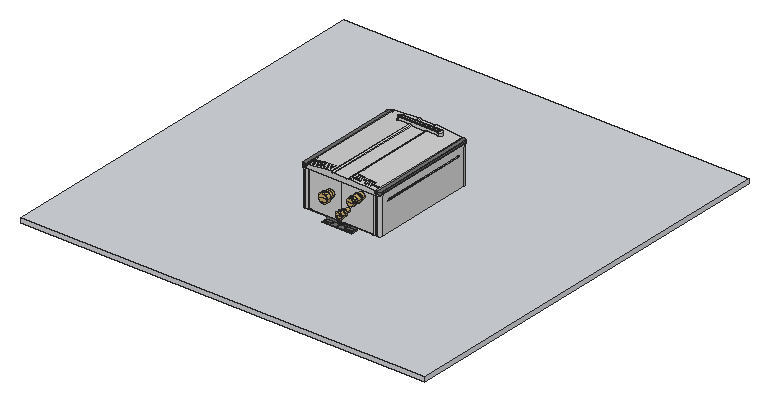
Revit family "Water_Heater-Rinnai-Ultra-Condensing-Tankless-RUS75e", category Mechanical Equipment, host Face, Revit 2012 (continued)
Definition of nested family "Water Heater"
  Definition of nested family "Masking_Nested"
    Lines and regions (in)
      Masking region 6, detail levels medium+fine
        outline origin (-35.16478, 0.40116, 0) x (1, 0, 0) y (0, 1, 0)
          loop
            arc (36.73862, -13.79972) -> (36.56039, -13.72733) -> (36.48312, -13.55116) r 0.25559
            line (36.48312, -13.55116) -> (35.28217, -13.55116) -> (35.28217, -13.75667)
            arc (35.28217, -13.75667) -> (35.16406, -13.87478) -> (35.04595, -13.75667) r 0.11811
            line (35.04595, -13.75667) -> (35.04595, -13.55116) -> (33.845, -13.55116)
            arc (33.845, -13.55116) -> (33.76774, -13.72733) -> (33.58951, -13.79972) r 0.25559
            arc (33.58951, -13.79972) -> (33.41128, -13.72733) -> (33.33401, -13.55116) r 0.25559
            line (33.33401, -13.55116) -> (31.62076, -13.55116)
          loop
            line (32.39831, -13.96742) -> (32.8117, -13.96742)
            arc (32.8117, -13.96742) -> (32.91997, -13.85915) -> (32.8117, -13.75088) r 0.10827
            line (32.8117, -13.75088) -> (32.39831, -13.75088)
            arc (32.39831, -13.75088) -> (32.29005, -13.85915) -> (32.39831, -13.96742) r 0.10827
          loop
            line (32.13257, -13.76073) -> (32.13257, -13.68199)
            arc (32.13257, -13.68199) -> (32.01446, -13.56387) -> (31.89635, -13.68199) r 0.11811
            line (31.89635, -13.68199) -> (31.89635, -13.76073)
            arc (31.89635, -13.76073) -> (32.01446, -13.87884) -> (32.13257, -13.76073) r 0.11811
          loop
            arc (37.92981, -13.96742) -> (38.03808, -13.85915) -> (37.92981, -13.75088) r 0.10827
            line (37.92981, -13.75088) -> (37.20146, -13.75088)
            arc (37.20146, -13.75088) -> (37.0932, -13.85915) -> (37.20146, -13.96742) r 0.10827
            line (37.20146, -13.96742) -> (37.92981, -13.96742)
          loop
            line (38.19556, -13.68199) -> (38.19556, -13.76073)
            arc (38.19556, -13.76073) -> (38.31367, -13.87884) -> (38.43178, -13.76073) r 0.11811
            line (38.43178, -13.76073) -> (38.43178, -13.68199)
            arc (38.43178, -13.68199) -> (38.31367, -13.56387) -> (38.19556, -13.68199) r 0.11811
          loop
            circle (36.73934, 13.08086) r 0.25559
          loop
            line (37.93053, 13.50415) -> (37.51714, 13.50415)
            arc (37.51714, 13.50415) -> (37.40888, 13.39588) -> (37.51714, 13.28761) r 0.10827
            line (37.51714, 13.28761) -> (37.93053, 13.28761)
            arc (37.93053, 13.28761) -> (38.0388, 13.39588) -> (37.93053, 13.50415) r 0.10827
          loop
            line (38.19628, 13.29746) -> (38.19628, 13.21872)
            arc (38.19628, 13.21872) -> (38.31439, 13.10061) -> (38.4325, 13.21872) r 0.11811
            line (38.4325, 13.21872) -> (38.4325, 13.29746)
            arc (38.4325, 13.29746) -> (38.31439, 13.41557) -> (38.19628, 13.29746) r 0.11811
          loop
            arc (32.39903, 13.50415) -> (32.29077, 13.39588) -> (32.39903, 13.28761) r 0.10827
            line (32.39903, 13.28761) -> (33.12738, 13.28761)
            arc (33.12738, 13.28761) -> (33.23565, 13.39588) -> (33.12738, 13.50415) r 0.10827
            line (33.12738, 13.50415) -> (32.39903, 13.50415)
          loop
            circle (33.59023, 13.08086) r 0.25559
          loop
            line (32.13329, 13.21872) -> (32.13329, 13.29746)
            arc (32.13329, 13.29746) -> (32.01518, 13.41557) -> (31.89706, 13.29746) r 0.11811
            line (31.89706, 13.29746) -> (31.89706, 13.21872)
            arc (31.89706, 13.21872) -> (32.01518, 13.10061) -> (32.13329, 13.21872) r 0.11811
      Masking region 7, detail levels medium+fine
        outline origin (-35.26953, 0, 0) x (1, 0, 0) y (0, 0, 1)
          loop
            line (26.00572, -0.04045) -> (31.72622, -0.04045) -> (31.72622, -0.6218) -> (38.83231, -0.6218) -> (38.83231, -0.04045) -> (44.53334, -0.04045) -> (44.53334, 9.35031)
            arc (44.53334, 9.35031) -> (44.51461, 9.40103) -> (44.46742, 9.42742) r 0.07806
            arc (44.46742, 9.42742) -> (44.03663, 9.49362) -> (43.60536, 9.55665) r 59.05511
            arc (43.60536, 9.55665) -> (43.57084, 9.52054) -> (43.53502, 9.48571) r 1.36561
            arc (43.53502, 9.48571) -> (43.54854, 9.53813) -> (43.50686, 9.57269) r 0.05052
            arc (43.50686, 9.57269) -> (42.03052, 9.74921) -> (40.55147, 9.90144) r 92.07872
            line (40.55147, 9.90144) -> (40.52642, 10.61861)
            arc (40.52642, 10.61861) -> (40.49773, 10.68306) -> (40.43231, 10.70949) r 0.09417
            line (40.43231, 10.70949) -> (30.10675, 10.70949)
            arc (30.10675, 10.70949) -> (30.04134, 10.68306) -> (30.01264, 10.61861) r 0.09417
            line (30.01264, 10.61861) -> (29.9876, 9.90144)
            arc (29.9876, 9.90144) -> (28.53696, 9.75237) -> (27.08886, 9.58034) r 92.07872
            arc (27.08886, 9.58034) -> (27.02495, 9.52621) -> (27.04849, 9.44583) r 0.07682
            arc (27.04849, 9.44583) -> (26.98948, 9.49957) -> (26.9337, 9.55665) r 1.36561
            arc (26.9337, 9.55665) -> (26.50314, 9.49373) -> (26.07305, 9.42764) r 59.05511
            arc (26.07305, 9.42764) -> (26.02485, 9.40069) -> (26.00572, 9.34888) r 0.07973
            line (26.00572, 9.34888) -> (26.00572, -0.04045)
      Masking region 8, detail levels medium+fine
        outline origin (0, 45, 0) x (0, 1, 0) y (0, 0, 1)
          loop
            line (-57.44869, -0.04045) -> (-32.55204, -0.04045)
            arc (-32.55204, -0.04045) -> (-32.52623, -0.09026) -> (-32.47382, -0.11024) r 0.07874
            line (-32.47382, -0.11024) -> (-32.17973, -0.11024) -> (-32.17973, -0.56308)
            arc (-32.17973, -0.56308) -> (-32.17168, -0.58251) -> (-32.15226, -0.59055) r 0.02747
            line (-32.15226, -0.59055) -> (-30.69363, -0.59055)
            arc (-30.69363, -0.59055) -> (-30.66213, -0.55906) -> (-30.69363, -0.52756) r 0.0315
            line (-30.69363, -0.52756) -> (-32.11674, -0.52756) -> (-32.11674, -0.04045) -> (-32.27422, -0.04045) -> (-32.27422, 8.75945) -> (-32.15, 8.75945) -> (-32.15, 10.14451) -> (-33.98648, 10.14451) -> (-34.00323, 10.62438)
            arc (-34.00323, 10.62438) -> (-34.03011, 10.68474) -> (-34.09137, 10.70949) r 0.08819
            line (-34.09137, 10.70949) -> (-34.93748, 10.70949)
            arc (-34.93748, 10.70949) -> (-34.99701, 10.68544) -> (-35.02312, 10.62679) r 0.08569
            line (-35.02312, 10.62679) -> (-35.03996, 10.14451) -> (-58.55116, 10.14451) -> (-58.55116, 8.75945) -> (-57.81875, 8.75945) -> (-57.81875, -0.04045) -> (-57.884, -0.04045) -> (-57.884, -0.52756) -> (-59.30711, -0.52756)
            arc (-59.30711, -0.52756) -> (-59.3386, -0.55906) -> (-59.30711, -0.59055) r 0.0315
            line (-59.30711, -0.59055) -> (-57.8478, -0.59055)
            arc (-57.8478, -0.59055) -> (-57.82886, -0.58271) -> (-57.82101, -0.56377) r 0.02679
            line (-57.82101, -0.56377) -> (-57.82101, -0.11024) -> (-57.52692, -0.11024)
            arc (-57.52692, -0.11024) -> (-57.47451, -0.09026) -> (-57.44869, -0.04045) r 0.07874
      symbolic lines, style "Water Heater", detail levels medium+fine
        curve 1: line (8.32249, 12.84217, 0) -> (8.32249, -13.15, 0)
        curve 2: line (-8.34917, 12.84217, 0) -> (-8.34917, -13.15, 0)
        curve 3: line (-2.16191, 11.02054, 0) -> (2.13519, 11.02144, 0)
        curve 4: line (2.13519, 9.95477, 0) -> (-2.16191, 9.95477, 0)
        curve 5: line (-9.25, 0, 8.98484) -> (-8.45921, 0, 8.98484)
        curve 6: line (-8.45921, 0, 8.98484) -> (-8.09256, 0, 9.19653)
        curve 7: line (-8.09256, 0, 9.19653) -> (-8.09256, 0, 9.34812)
        curve 8: arc (-8.09256, 0, 9.34812) -> (-8.15825, 0, 9.39508) -> (-8.22104, 0, 9.44583) r 1.36561
        curve 9: line (9.26381, 0, 8.75945) -> (-9.27756, 0, 8.75945)
        curve 10: arc (-5.27647, 0, 9.90196) -> (-3.77127, 0, 10.03206) -> (-2.26413, 0, 10.13746) r 92.07872
        curve 11: line (-1.61887, 0, 9.90169) -> (1.61887, 0, 9.90169)
        curve 12: line (-2.0392, 0, 10.10161) -> (-1.76603, 0, 9.94389)
        curve 13: arc (-2.26413, 0, 10.13746) -> (-2.14787, 0, 10.14334) -> (-2.0392, 0, 10.10161) r 0.28099
        curve 14: arc (-1.76603, 0, 9.94389) -> (-1.69501, 0, 9.91385) -> (-1.61887, 0, 9.90169) r 0.31957
        curve 15: line (9.25, 0, 8.98484) -> (8.45921, 0, 8.98484)
        curve 16: line (8.45921, 0, 8.98484) -> (8.09256, 0, 9.19653)
        curve 17: line (8.09256, 0, 9.19653) -> (8.09256, 0, 9.34812)
        curve 18: arc (8.09256, 0, 9.34812) -> (8.18181, 0, 9.41341) -> (8.26549, 0, 9.48571) r 1.36561
        curve 19: arc (5.27647, 0, 9.90196) -> (3.77127, 0, 10.03206) -> (2.26413, 0, 10.13746) r 92.07872
        curve 20: line (2.0392, 0, 10.10161) -> (1.76603, 0, 9.94389)
        curve 21: arc (2.26413, 0, 10.13746) -> (2.14787, 0, 10.14334) -> (2.0392, 0, 10.10161) r 0.28099
        curve 22: arc (1.76603, 0, 9.94389) -> (1.69501, 0, 9.91385) -> (1.61887, 0, 9.90169) r 0.31957
        curve 23: line (7.75409, 0, 8.75945) -> (7.75409, 0, 0)
        curve 24: line (-7.75409, 0, 8.75945) -> (-7.75409, 0, -0.04045)
        curve 25: arc (-1.40688, 0, 0) -> (0, 0, -0.34536) -> (1.40688, 0, 0) r 3.03824
        curve 26: line (-3.54331, 0, -0.04045) -> (3.54331, 0, -0.04045)
        curve 27: line (3.54331, 0, -0.52756) -> (-3.54331, 0, -0.52756)
        curve 28: spline (0, 11.02, 9.95112) -> (0, 11.00267, 9.93884) -> (0, 10.94985, 9.92738) -> (0, 10.86516, 9.91753) -> (0, 10.75444, 9.90997) -> (0, 10.6253, 9.90521) -> (0, 10.48661, 9.90359) -> (0, 10.34793, 9.90521) -> (0, 10.21878, 9.90997) -> (0, 10.10806, 9.91753) -> (0, 10.02337, 9.92738) -> (0, 9.97055, 9.93884) -> (0, 9.95322, 9.95112)
        curve 29: line (0, 11.01351, 10.14451) -> (0, 11.02, 9.95112)
        curve 30: line (0, 9.95972, 10.14451) -> (0, 9.95322, 9.95112)
        curve 31: line (0, -11.22237, 9.92728) -> (0, -11.22237, 10.09602)
        curve 32: spline (0, -11.22237, 10.09602) -> (0, -11.21722, 10.09869) -> (0, -11.20212, 10.10119) -> (0, -11.1781, 10.10333) -> (0, -11.14681, 10.10498) -> (0, -11.11036, 10.10601) -> (0, -11.07125, 10.10636) -> (0, -11.03214, 10.10601) -> (0, -10.99569, 10.10498) -> (0, -10.96439, 10.10333) -> (0, -10.94038, 10.10119) -> (0, -10.92528, 10.09869) -> (0, -10.92013, 10.09602)
        curve 33: line (0, -10.92013, 10.09602) -> (0, -10.92013, 9.92728)
        curve 34: spline (0, -10.92013, 9.92728) -> (0, -10.92528, 9.92371) -> (0, -10.94038, 9.92038) -> (0, -10.96439, 9.91752) -> (0, -10.99569, 9.91533) -> (0, -11.03214, 9.91395) -> (0, -11.07125, 9.91348) -> (0, -11.11036, 9.91395) -> (0, -11.14681, 9.91533) -> (0, -11.1781, 9.91752) -> (0, -11.20212, 9.92038) -> (0, -11.21722, 9.92371) -> (0, -11.22237, 9.92728)
        curve 35: line (0, -11.63111, 9.92728) -> (0, -11.63108, 10.09602)
        curve 36: spline (0, -11.63108, 10.09602) -> (0, -11.63623, 10.09869) -> (0, -11.65132, 10.10119) -> (0, -11.67534, 10.10333) -> (0, -11.70663, 10.10498) -> (0, -11.74308, 10.10601) -> (0, -11.78218, 10.10636) -> (0, -11.82129, 10.10601) -> (0, -11.85774, 10.10498) -> (0, -11.88903, 10.10333) -> (0, -11.91305, 10.10119) -> (0, -11.92814, 10.09869) -> (0, -11.93329, 10.09602)
        curve 37: line (0, -11.93329, 10.09602) -> (0, -11.93326, 9.92728)
        curve 38: spline (0, -11.93326, 9.92728) -> (0, -11.92811, 9.92371) -> (0, -11.91302, 9.92038) -> (0, -11.88901, 9.91752) -> (0, -11.85772, 9.91533) -> (0, -11.82129, 9.91395) -> (0, -11.78218, 9.91348) -> (0, -11.74308, 9.91395) -> (0, -11.70665, 9.91533) -> (0, -11.67536, 9.91752) -> (0, -11.65135, 9.92038) -> (0, -11.63626, 9.92371) -> (0, -11.63111, 9.92728)
        curve 39: line (0, -12.34205, 9.92728) -> (0, -12.34202, 10.09602)
        curve 40: spline (0, -12.34202, 10.09602) -> (0, -12.34716, 10.09869) -> (0, -12.36226, 10.10119) -> (0, -12.38627, 10.10333) -> (0, -12.41757, 10.10498) -> (0, -12.45401, 10.10601) -> (0, -12.49312, 10.10636) -> (0, -12.53223, 10.10601) -> (0, -12.56868, 10.10498) -> (0, -12.59997, 10.10333) -> (0, -12.62399, 10.10119) -> (0, -12.63908, 10.09869) -> (0, -12.64423, 10.09602)
        curve 41: line (0, -12.64423, 10.09602) -> (0, -12.6442, 9.92728)
        curve 42: spline (0, -12.6442, 9.92728) -> (0, -12.63905, 9.92371) -> (0, -12.62396, 9.92038) -> (0, -12.59995, 9.91752) -> (0, -12.56866, 9.91533) -> (0, -12.53222, 9.91395) -> (0, -12.49312, 9.91348) -> (0, -12.45402, 9.91395) -> (0, -12.41759, 9.91533) -> (0, -12.3863, 9.91752) -> (0, -12.36229, 9.92038) -> (0, -12.3472, 9.92371) -> (0, -12.34205, 9.92728)
        curve 43: spline (0, -10.92018, 9.86539) -> (0, -10.92518, 9.86925) -> (0, -10.94018, 9.87285) -> (0, -10.96417, 9.87594) -> (0, -10.99551, 9.87832) -> (0, -11.03203, 9.87981) -> (0, -11.07125, 9.88032) -> (0, -11.11046, 9.87981) -> (0, -11.14699, 9.87832) -> (0, -11.17832, 9.87594) -> (0, -11.20231, 9.87285) -> (0, -11.21732, 9.86925) -> (0, -11.22231, 9.86539)
        curve 44: spline (0, -11.22227, 9.63281) -> (0, -11.21712, 9.62807) -> (0, -11.20204, 9.62365) -> (0, -11.17804, 9.61986) -> (0, -11.14676, 9.61695) -> (0, -11.11033, 9.61512) -> (0, -11.07125, 9.6145) -> (0, -11.03216, 9.61512) -> (0, -10.99574, 9.61695) -> (0, -10.96446, 9.61986) -> (0, -10.94046, 9.62365) -> (0, -10.92537, 9.62807) -> (0, -10.92023, 9.63281)
        curve 45: line (0, -11.22239, 9.86539) -> (0, -11.22239, 9.63281)
        curve 46: line (0, -10.9201, 9.63281) -> (0, -10.9201, 9.86539)
        curve 47: spline (0, -11.63112, 9.86829) -> (0, -11.63611, 9.87215) -> (0, -11.65112, 9.87575) -> (0, -11.67511, 9.87884) -> (0, -11.70645, 9.88122) -> (0, -11.74297, 9.88271) -> (0, -11.78218, 9.88322) -> (0, -11.8214, 9.88271) -> (0, -11.85792, 9.88122) -> (0, -11.88926, 9.87884) -> (0, -11.91325, 9.87575) -> (0, -11.92826, 9.87215) -> (0, -11.93325, 9.86829)
        curve 48: spline (0, -11.93321, 9.6357) -> (0, -11.92806, 9.63096) -> (0, -11.91297, 9.62655) -> (0, -11.88897, 9.62276) -> (0, -11.8577, 9.61985) -> (0, -11.82127, 9.61802) -> (0, -11.78218, 9.61739) -> (0, -11.7431, 9.61802) -> (0, -11.70667, 9.61985) -> (0, -11.6754, 9.62276) -> (0, -11.6514, 9.62655) -> (0, -11.63631, 9.63096) -> (0, -11.63116, 9.6357)
        curve 49: line (0, -11.93333, 9.86829) -> (0, -11.93333, 9.6357)
        curve 50: line (0, -11.63104, 9.6357) -> (0, -11.63104, 9.86829)
        curve 51: spline (0, -12.34206, 9.86829) -> (0, -12.34705, 9.87215) -> (0, -12.36206, 9.87575) -> (0, -12.38605, 9.87884) -> (0, -12.41738, 9.88122) -> (0, -12.45391, 9.88271) -> (0, -12.49312, 9.88322) -> (0, -12.53234, 9.88271) -> (0, -12.56886, 9.88122) -> (0, -12.6002, 9.87884) -> (0, -12.62419, 9.87575) -> (0, -12.63919, 9.87215) -> (0, -12.64419, 9.86829)
        curve 52: spline (0, -12.64414, 9.6357) -> (0, -12.639, 9.63096) -> (0, -12.62391, 9.62655) -> (0, -12.59991, 9.62276) -> (0, -12.56863, 9.61985) -> (0, -12.53221, 9.61802) -> (0, -12.49312, 9.61739) -> (0, -12.45404, 9.61802) -> (0, -12.41761, 9.61985) -> (0, -12.38633, 9.62276) -> (0, -12.36233, 9.62655) -> (0, -12.34725, 9.63096) -> (0, -12.3421, 9.6357)
        curve 53: line (0, -12.64427, 9.86829) -> (0, -12.64427, 9.6357)
        curve 54: line (0, -12.34198, 9.6357) -> (0, -12.34198, 9.86829)
        curve 55: line (0, -13.55116, 9.55665) -> (0, 12.84217, 9.55665)
        curve 56: spline (0, -13.55107, 9.52892) -> (0, -13.54779, 9.51829) -> (0, -13.53763, 9.50771) -> (0, -13.52069, 9.49729) -> (0, -13.49712, 9.48711) -> (0, -13.46713, 9.47728) -> (0, -13.43101, 9.46787) -> (0, -13.38907, 9.45898) -> (0, -13.3417, 9.45069) -> (0, -13.28933, 9.44306) -> (0, -13.23243, 9.43618) -> (0, -13.17152, 9.43009) -> (0, -13.10716, 9.42487)
        curve 57: line (0, -12.94411, 9.35175) -> (0, -12.94411, 8.98484)
        curve 58: spline (0, -12.94411, 9.35175) -> (0, -12.95571, 9.36207) -> (0, -12.9678, 9.3717) -> (0, -12.98035, 9.38062) -> (0, -12.99333, 9.38879) -> (0, -13.00668, 9.3962) -> (0, -13.02037, 9.40281) -> (0, -13.03436, 9.40861) -> (0, -13.0486, 9.41358) -> (0, -13.06304, 9.4177) -> (0, -13.07765, 9.42096) -> (0, -13.09237, 9.42335) -> (0, -13.10716, 9.42487)
        curve 59: line (0, -13.55116, 8.98484) -> (0, 12.85, 8.98484)
        curve 60: line (0, 12.72578, 8.75945) -> (0, -12.75728, 8.75945)
        curve 61: line (0, 12.23513, 8.98484) -> (0, 12.23513, 9.35174)
        curve 62: spline (0, 12.23513, 9.35174) -> (0, 12.2467, 9.36204) -> (0, 12.25877, 9.37166) -> (0, 12.2713, 9.38057) -> (0, 12.28425, 9.38873) -> (0, 12.29758, 9.39613) -> (0, 12.31125, 9.40274) -> (0, 12.32521, 9.40854) -> (0, 12.33942, 9.41351) -> (0, 12.35384, 9.41763) -> (0, 12.36842, 9.4209) -> (0, 12.38311, 9.4233) -> (0, 12.39788, 9.42483)
        curve 63: spline (0, 12.39788, 9.42483) -> (0, 12.46228, 9.43013) -> (0, 12.52322, 9.43628) -> (0, 12.58016, 9.44321) -> (0, 12.63256, 9.45087) -> (0, 12.67996, 9.4592) -> (0, 12.72193, 9.4681) -> (0, 12.75808, 9.4775) -> (0, 12.78809, 9.48732) -> (0, 12.81167, 9.49747) -> (0, 12.82863, 9.50785) -> (0, 12.8388, 9.51837) -> (0, 12.84209, 9.52894)
        curve 64: line (0, 10.49722, 7.02598) -> (0, -10.79361, 7.02598)
        curve 65: arc (0, -10.79361, 7.02598) -> (0, -10.97143, 6.82414) -> (0, -10.79362, 6.6223) r 0.20346
        curve 66: line (0, -10.79362, 6.6223) -> (0, 10.49723, 6.6223)
        curve 67: arc (0, 10.49723, 6.6223) -> (0, 10.67482, 6.82414) -> (0, 10.49722, 7.02598) r 0.20349
        curve 68: line (0, 12.72578, -0.04045) -> (0, 12.44796, -0.04045)
        curve 69: line (0, -12.82027, -0.04045) -> (0, -12.44796, -0.04045)
      symbolic lines, style "Water Heater", detail levels fine
        curve 70: line (-1.46319, -10.89969, 0) -> (1.43194, -10.89969, 0)
        curve 71: line (-1.54319, -12.67499, 0) -> (-1.54319, -10.97969, 0)
        curve 72: line (1.43194, -12.75499, 0) -> (-1.46319, -12.75499, 0)
        curve 73: line (1.51194, -10.97969, 0) -> (1.51194, -12.67499, 0)
        curve 74: arc (-1.54319, -10.97969, 0) -> (-1.51976, -10.92312, 0) -> (-1.46319, -10.89969, 0) r 0.08
        curve 75: arc (1.43194, -10.89969, 0) -> (1.48851, -10.92312, 0) -> (1.51194, -10.97969, 0) r 0.08
        curve 76: arc (1.43194, -12.75499, 0) -> (1.48851, -12.73156, 0) -> (1.51194, -12.67499, 0) r 0.08
        curve 77: arc (-1.46319, -12.75499, 0) -> (-1.51976, -12.73156, 0) -> (-1.54319, -12.67499, 0) r 0.08
        curve 78: arc (-2.28358, 0, 8.93988) -> (-2.45244, 0, 9.32708) -> (-2.84581, 0, 9.48103) r 0.55118
        curve 79: arc (-6.74186, 0, 9.40231) -> (-7.06625, 0, 9.26416) -> (-7.20465, 0, 8.93988) r 0.47244
        curve 80: line (-6.74186, 0, 9.40231) -> (-2.84581, 0, 9.48103)
        curve 81: line (-2.28358, 0, 8.93988) -> (-7.20465, 0, 8.93988)
        curve 82: arc (2.28358, 0, 8.93988) -> (2.45244, 0, 9.32708) -> (2.84581, 0, 9.48103) r 0.55118
        curve 83: arc (6.74186, 0, 9.40231) -> (7.06625, 0, 9.26416) -> (7.20465, 0, 8.93988) r 0.47244
        curve 84: line (6.74186, 0, 9.40231) -> (2.84581, 0, 9.48103)
        curve 85: line (2.28358, 0, 8.93988) -> (7.20465, 0, 8.93988)
        curve 86: line (-1.02365, 0, 9.40241) -> (1.02359, 0, 9.40241)
        curve 87: arc (-1.02365, 0, 9.40241) -> (-1.35419, 0, 9.26752) -> (-1.49599, 0, 8.93988) r 0.47244
        curve 88: arc (1.49593, 0, 8.93988) -> (1.35414, 0, 9.26752) -> (1.02359, 0, 9.40241) r 0.47244
        curve 89: line (1.49593, 0, 8.93988) -> (-1.49599, 0, 8.93988)
    Dimensions and locks (in)
      equal spacing: plane 4, plane 3 "Center (Left/Right)", plane 5
      "Width": plane 4 to plane 5
      plane 8 to plane 1 "Center (Front/Back)" = 12.85"
      "Depth": plane 6 to plane 2
      plane 8 to plane 10 = 26"
      aligned and locked: plane 2 to level
    Automatic sketch dimensions
      curve 59 to plane 8 = 0"
      curve 55 to plane 8 = 1/128"
      curve 63 to plane 8 = 0.00791"
      curve 63 to curve 63 = 0"
      curve 60 to plane 8 = 0.12422"
      curve 68 to level = 0.04045"
      curve 68 to plane 8 = 0.12422"
      curve 62 to plane 8 = 0.36654"
      curve 68 to curve 68 = 0.27783"
      curve 62 to curve 62 = 0.07783"
      curve 63 to curve 62 = 0.08558"
      curve 62 to curve 62 = 0.16276"
      curve 63 to curve 61 = 0.15296"
      curve 28 to plane 6 = 0.14888"  (x2)
      curve 28 to curve 63 = 1.06217"
      plane 6 to curve 29 = 0.04451"
      curve 29 to curve 29 = 0.00649"
      curve 67 to plane 8 = 2.35277"
      curve 64 to curve 67 = 0"
      curve 28 to curve 28 = 0.53339"
      curve 67 to curve 66 = 0.0259"
      plane 6 to curve 30 = 0.04451"
      curve 30 to curve 28 = 0.5269"
      curve 28 to curve 30 = 0"
      curve 65 to curve 65 = 0.02564"
      curve 66 to curve 65 = 0.02565"
      curve 46 to plane 6 = 0.46719"
      curve 34 to curve 46 = 0.00003"
      curve 43 to curve 46 = 0.00008"
      curve 43 to curve 43 = 0"
      curve 44 to curve 46 = 0.00012"
      curve 44 to curve 44 = 0.15102"
      curve 43 to curve 43 = 0.15107"
      curve 32 to plane 6 = 0.00398"
      curve 32 to curve 32 = 0.15112"
      curve 31 to curve 43 = 0.00005"
      curve 45 to curve 44 = 0.00012"
      curve 50 to curve 45 = 0.40865"
      curve 36 to plane 6 = 0.00398"
      curve 36 to curve 50 = 0.00004"
      curve 38 to curve 50 = 0.00007"
      curve 47 to curve 50 = 0.00008"
      curve 47 to curve 47 = 0"
      curve 48 to curve 50 = 0.00012"
      curve 48 to curve 48 = 0.15102"
      curve 38 to curve 47 = 0"  (x2)
      curve 36 to curve 35 = 0.15111"
      curve 37 to plane 6 = 0.00398"
      curve 37 to curve 36 = 0.15111"
      curve 49 to curve 47 = 0.00008"
      curve 49 to curve 48 = 0.00012"
      curve 54 to curve 49 = 0.40865"
      curve 39 to plane 6 = 0.00398"
      curve 39 to curve 54 = 0.00004"
      curve 42 to curve 54 = 0.00007"
      curve 51 to curve 54 = 0.00008"
      curve 51 to curve 51 = 0"
      curve 52 to curve 54 = 0.00012"
      curve 69 to level = 0.04045"
      curve 52 to curve 52 = 0.15102"
      curve 51 to curve 51 = 0.15107"
      curve 42 to curve 51 = 0"  (x2)
      curve 40 to plane 6 = 0.00398"
      curve 40 to curve 39 = 0.15111"
      curve 53 to curve 52 = 0.00012"
      curve 58 to curve 58 = 0.16305"
      curve 58 to curve 57 = 0.1705"
      curve 58 to curve 56 = 0.08529"
      curve 56 to curve 58 = 0.35863"
      curve 56 to curve 56 = 0"
      curve 59 to curve 58 = 0.43655"
      curve 55 to curve 56 = 0.00008"
      curve 65 to curve 46 = 3.01051"
      curve 66 to curve 67 = 0.20184"
      curve 60 to plane 6 = 1.34055"
      curve 60 to curve 59 = 0.22539"
      curve 61 to curve 62 = 0.15843"
      curve 57 to curve 58 = 0.15844"
      curve 62 to curve 62 = 0.06438"
      curve 58 to curve 58 = 0.06439"
      curve 61 to curve 63 = 0.17149"
      curve 57 to curve 56 = 0.17278"
      curve 56 to curve 55 = 0.02773"
      curve 45 to curve 46 = 0"
      curve 44 to curve 46 = 0"
      curve 45 to curve 50 = 0.0029"
      curve 49 to curve 50 = 0"
      curve 56 to curve 52 = 0.11117"
      curve 53 to curve 52 = 0"
      curve 48 to curve 50 = 0"
      curve 52 to curve 54 = 0"
      curve 46 to curve 32 = 0.23063"
      curve 45 to curve 31 = 0.23063"
      curve 45 to curve 43 = 0"
      curve 43 to curve 43 = 0.00007"
      curve 54 to curve 40 = 0.22773"
      curve 50 to curve 36 = 0.22773"
      curve 49 to curve 36 = 0.22773"
      curve 49 to curve 47 = 0"
      curve 54 to curve 51 = 0"
      curve 53 to curve 51 = 0"
      curve 47 to curve 47 = 0.00007"
      curve 51 to curve 51 = 0.00007"
      curve 47 to curve 35 = 0.05892"
      curve 47 to curve 37 = 0.05899"
      curve 51 to curve 42 = 0.05899"
      curve 51 to curve 42 = 0.05892"  (x2)
      curve 37 to curve 38 = 0"
      curve 43 to curve 34 = 0.06182"
      curve 28 to curve 30 = 0.00035"
      curve 41 to plane 6 = 0.00398"
      Masking region 1 sketch curve to plane 4 = 0.00047"
      Masking region 1 sketch curve to plane 5 = 0.00047"
      plane 8 to Masking region 1 sketch curve = 0.00039"
      Masking region 2 sketch curve to plane 8 = 0"
      Masking region 2 sketch curve to plane 4 = 0.00047"
      plane 4 to Masking region 2 sketch curve = 0.74953"  (x2)
      plane 5 to Masking region 2 sketch curve = 0.74953"  (x2)
      Masking region 2 sketch curve to plane 5 = 0.00047"
      Masking region 3 sketch curve to level = 0.6218"
      Masking region 3 sketch curve to plane 4 = 0.00047"
      Masking region 3 sketch curve to plane 5 = 0.00047"
      plane 6 to Masking region 3 sketch curve = 0.03196"
      Masking region 4 sketch curve to level = 0.59055"
      Masking region 4 sketch curve to plane 8 = 0"
      plane 6 to Masking region 4 sketch curve = 0.03196"
      Masking region 5 sketch curve to plane 8 = 0"
      plane 4 to Masking region 5 sketch curve = 1.47856"
      Masking region 5 sketch curve to Masking region 5 sketch curve = 0"  (x19)
      Masking region 5 sketch curve to Masking region 5 sketch curve = 2.10379"  (x3)
      Masking region 5 sketch curve to Masking region 5 sketch curve = 0.65011"  (x5)
      plane 4 to Masking region 5 sketch curve = 4.49205"
      Masking region 5 sketch curve to Masking region 5 sketch curve = 1/256"  (x3)
      Masking region 5 sketch curve to Masking region 5 sketch curve = 0.0406"
      Masking region 5 sketch curve to plane 3 "Center (Left/Right)" = 2.16191"
      plane 3 "Center (Left/Right)" to Masking region 5 sketch curve = 2.13519"  (x2)
      Masking region 5 sketch curve to Masking region 5 sketch curve = 0.75187"
      Masking region 5 sketch curve to Masking region 5 sketch curve = 2.55548"
      Masking region 5 sketch curve to Masking region 5 sketch curve = 0.0367"
      Masking region 5 sketch curve to plane 8 = 1.82801"
      plane 5 to Masking region 5 sketch curve = 1.50524"
      Masking region 5 sketch curve to Masking region 5 sketch curve = 0.15114"  (x12)
      Masking region 5 sketch curve to Masking region 5 sketch curve = 0.40865"  (x8)
      Masking region 5 sketch curve to plane 8 = 2.89679"
      Masking region 5 sketch curve to Masking region 5 sketch curve = 0.00156"
      Masking region 5 sketch curve to Masking region 5 sketch curve = 1.06722"
      Masking region 5 sketch curve to Masking region 5 sketch curve = 0.15631"
      Masking region 5 sketch curve to Masking region 5 sketch curve = 0.37709"  (x2)
      Masking region 5 sketch curve to Masking region 5 sketch curve = 0.00197"
      Masking region 5 sketch curve to Masking region 5 sketch curve = 1.06577"
      Masking region 5 sketch curve to Masking region 5 sketch curve = 1.06667"
      Masking region 7 sketch curve to plane 4 = 0.01381"
      plane 4 to Masking region 7 sketch curve = 0.05352"
      Masking region 7 sketch curve to Masking region 7 sketch curve = 0"  (x8)
      plane 4 to Masking region 7 sketch curve = 0.06592"
      Masking region 7 sketch curve to Masking region 7 sketch curve = 0.86065"
      Masking region 7 sketch curve to Masking region 7 sketch curve = 0.11479"
      Masking region 7 sketch curve to Masking region 7 sketch curve = 0.04037"
      Masking region 7 sketch curve to Masking region 7 sketch curve = 0.05004"
      plane 6 to Masking region 7 sketch curve = 0.38203"  (x2)
      Masking region 7 sketch curve to Masking region 7 sketch curve = 0.84911"
      Masking region 7 sketch curve to plane 6 = 0.19856"  (x2)
      Masking region 7 sketch curve to Masking region 7 sketch curve = 2.04962"
      Masking region 7 sketch curve to Masking region 7 sketch curve = 0.02504"  (x2)
      Masking region 7 sketch curve to Masking region 7 sketch curve = 0.09411"  (x2)
      Masking region 7 sketch curve to level = 0.6218"
      Masking region 7 sketch curve to plane 3 "Center (Left/Right)" = 3.54331"
      Masking region 7 sketch curve to plane 3 "Center (Left/Right)" = 3.40532"
      Masking region 7 sketch curve to plane 3 "Center (Left/Right)" = 0.01184"
      plane 3 "Center (Left/Right)" to Masking region 7 sketch curve = 0.01184"
      plane 3 "Center (Left/Right)" to Masking region 7 sketch curve = 3.40532"
      plane 3 "Center (Left/Right)" to Masking region 7 sketch curve = 3.56278"
      plane 6 to Masking region 7 sketch curve = 0.51532"
      plane 5 to Masking region 7 sketch curve = 4.08722"
      plane 5 to Masking region 7 sketch curve = 1.91844"
      plane 5 to Masking region 7 sketch curve = 1.01906"
      Masking region 7 sketch curve to Masking region 7 sketch curve = 0.00639"
      Masking region 7 sketch curve to Masking region 7 sketch curve = 0.00006"
      Masking region 7 sketch curve to Masking region 7 sketch curve = 0.03455"
      Masking region 7 sketch curve to Masking region 7 sketch curve = 0.0985"
      plane 5 to Masking region 7 sketch curve = 0.06425"
      plane 5 to Masking region 7 sketch curve = 0.05211"
      Masking region 7 sketch curve to plane 5 = 0.01381"
      Masking region 7 sketch curve to Masking region 7 sketch curve = 48.28707"
      Masking region 7 sketch curve to Masking region 7 sketch curve = 32.85768"
      Masking region 7 sketch curve to level = 0.04045"  (x2)
      Masking region 7 sketch curve to Masking region 7 sketch curve = 0.03686"
      Masking region 7 sketch curve to Masking region 7 sketch curve = 0.71388"
      Masking region 7 sketch curve to Masking region 7 sketch curve = 0.00329"
      Masking region 8 sketch curve to plane 8 = 0"
      Masking region 8 sketch curve to plane 8 = 0.00226"
      Masking region 8 sketch curve to Masking region 8 sketch curve = 0.02747"
      Masking region 8 sketch curve to Masking region 8 sketch curve = 0.12422"
      Masking region 8 sketch curve to level = 0.11024"
      Masking region 8 sketch curve to Masking region 8 sketch curve = 0.1996"
      Masking region 8 sketch curve to level = 0.04045"  (x3)
      Masking region 8 sketch curve to Masking region 8 sketch curve = 0.07823"  (x2)
      plane 6 to Masking region 8 sketch curve = 0.04451"  (x2)
      Masking region 8 sketch curve to Masking region 8 sketch curve = 1.83648"
      Masking region 8 sketch curve to Masking region 8 sketch curve = 0.01676"
      Masking region 8 sketch curve to Masking region 8 sketch curve = 0.08814"
      Masking region 8 sketch curve to Masking region 8 sketch curve = 0.8461"
      Masking region 8 sketch curve to Masking region 8 sketch curve = 0.08564"
      Masking region 8 sketch curve to Masking region 8 sketch curve = 0.01684"
      Masking region 8 sketch curve to level = 0.0315"
      Masking region 8 sketch curve to level = 0.52756"
      Masking region 8 sketch curve to Masking region 8 sketch curve = 1.42311"  (x2)
      plane 8 to Masking region 8 sketch curve = 0.03326"
      Masking region 8 sketch curve to level = 0.59055"
      Masking region 8 sketch curve to Masking region 8 sketch curve = 0.06299"
      Masking region 8 sketch curve to Masking region 8 sketch curve = 0.0315"
      Masking region 8 sketch curve to plane 6 = 1.34055"  (x2)
      Masking region 8 sketch curve to Masking region 8 sketch curve = 0.47679"
      Masking region 8 sketch curve to Masking region 8 sketch curve = 0.47929"
      Masking region 8 sketch curve to Masking region 8 sketch curve = 0.00308"
      Masking region 6 sketch curve to Masking region 6 sketch curve = 0"  (x7)
      plane 8 to Masking region 6 sketch curve = 0.00039"  (x2)
      Masking region 6 sketch curve to plane 3 "Center (Left/Right)" = 0"  (x2)
      Masking region 6 sketch curve to plane 3 "Center (Left/Right)" = 0.11883"
      Masking region 6 sketch curve to plane 3 "Center (Left/Right)" = 0.03937"
      Masking region 6 sketch curve to plane 3 "Center (Left/Right)" = 0.11811"
      Masking region 6 sketch curve to Masking region 6 sketch curve = 0.17717"
      Masking region 6 sketch curve to Masking region 6 sketch curve = 1.20095"  (x2)
      Masking region 6 sketch curve to Masking region 6 sketch curve = 0.2555"  (x4)
      plane 8 to Masking region 6 sketch curve = 0.37642"  (x2)
      Masking region 6 sketch curve to Masking region 6 sketch curve = 1.35802"  (x2)
      Masking region 6 sketch curve to Masking region 6 sketch curve = 0.46285"
      Masking region 6 sketch curve to Masking region 6 sketch curve = 0.52231"
      Masking region 6 sketch curve to Masking region 6 sketch curve = 0.41339"  (x2)
      Masking region 6 sketch curve to Masking region 6 sketch curve = 0.72835"  (x2)
      Masking region 6 sketch curve to Masking region 6 sketch curve = 0.26575"  (x4)
      Masking region 6 sketch curve to Masking region 6 sketch curve = 0.11811"  (x4)
      Masking region 6 sketch curve to Masking region 6 sketch curve = 0.27559"  (x5)
      plane 3 "Center (Left/Right)" to Masking region 6 sketch curve = 0.03937"
      Masking region 6 sketch curve to plane 3 "Center (Left/Right)" = 0.00072"
      plane 8 to Masking region 6 sketch curve = 0.88761"
      Masking region 6 sketch curve to Masking region 6 sketch curve = 0.20735"
      Masking region 6 sketch curve to Masking region 6 sketch curve = 0.77781"
      Masking region 6 sketch curve to Masking region 6 sketch curve = 0.00703"  (x2)
      Masking region 6 sketch curve to Masking region 6 sketch curve = 0.13083"  (x2)
      Masking region 6 sketch curve to Masking region 6 sketch curve = 0.0689"  (x2)
      Masking region 6 sketch curve to Masking region 6 sketch curve = 0.19972"
      Masking region 6 sketch curve to Masking region 6 sketch curve = 0.20551"
      Masking region 6 sketch curve to Masking region 6 sketch curve = 0.07874"  (x4)
      Masking region 6 sketch curve to Masking region 6 sketch curve = 0.10827"  (x4)
      Masking region 6 sketch curve to Masking region 6 sketch curve = 0.56152"
      plane 8 to Masking region 6 sketch curve = 0.15964"
      Masking region 6 sketch curve to Masking region 6 sketch curve = 0.25559"
      plane 8 to Masking region 6 sketch curve = 0.76988"  (x2)
      Masking region 6 sketch curve to Masking region 6 sketch curve = 0.04884"
      Masking region 6 sketch curve to Masking region 6 sketch curve = 0.19199"
      Masking region 6 sketch curve to Masking region 6 sketch curve = 0.63957"
      plane 3 "Center (Left/Right)" to Masking region 6 sketch curve = 0.14672"
      curve 5 to plane 4 = 0"
      curve 25 to level = 0"  (x2)
      curve 25 to plane 3 "Center (Left/Right)" = 0"
      curve 23 to level = 0"
      plane 5 to curve 15 = 0"
      curve 9 to plane 4 = 0.02756"
      curve 5 to curve 6 = 0.79079"
      curve 5 to curve 8 = 0.23817"
      curve 8 to curve 6 = 0.12848"
      curve 24 to level = 0.04045"
      plane 4 to curve 24 = 1.49591"
      plane 6 to curve 8 = 0.38203"
      curve 7 to curve 8 = 0.76101"
      curve 24 to curve 79 = 0.54944"
      curve 80 to plane 6 = 0.69769"
      curve 79 to curve 80 = 0.46279"
      curve 80 to curve 79 = 0.00954"
      curve 10 to plane 6 = 0.19804"
      curve 79 to curve 10 = 1.46538"
      curve 27 to level = 0.52756"
      curve 27 to plane 3 "Center (Left/Right)" = 3.54331"
      curve 26 to level = 0.04045"
      curve 26 to curve 27 = 0"  (x2)
      curve 19 to plane 3 "Center (Left/Right)" = 3.40532"
      curve 78 to plane 6 = 0.61897"
      curve 80 to curve 78 = 0.01113"
      curve 78 to curve 78 = 0.55109"
      plane 6 to curve 10 = 0.03746"
      curve 78 to curve 10 = 0.58167"
      curve 10 to curve 13 = 0.07204"
      plane 6 to curve 13 = 0.00161"
      curve 10 to curve 13 = 0.22493"
      curve 12 to plane 6 = 0.15611"
      curve 12 to curve 12 = 0.27318"
      curve 12 to curve 11 = 0.14716"
      plane 6 to curve 14 = 0.12104"
      curve 12 to curve 14 = 0.1591"
      curve 25 to plane 3 "Center (Left/Right)" = 1.40688"
      plane 6 to curve 22 = 0.12104"
      plane 3 "Center (Left/Right)" to curve 22 = 1.60693"
      curve 22 to curve 11 = 0.01194"
      curve 22 to curve 22 = 0.14716"
      plane 6 to curve 21 = 0.00161"
      curve 22 to curve 21 = 0.27318"
      curve 21 to curve 21 = 0.15289"
      plane 6 to curve 21 = 0.03746"
      curve 21 to curve 21 = 0.22493"
      curve 21 to curve 85 = 0.09148"
      curve 82 to curve 82 = 0.55109"
      curve 84 to plane 6 = 0.61897"
      curve 82 to curve 84 = 0.01113"
      plane 3 "Center (Left/Right)" to curve 10 = 3.40532"
      curve 25 to curve 26 = 2.13643"
      curve 19 to plane 6 = 0.19804"
      curve 82 to curve 19 = 2.43066"
      curve 19 to curve 83 = 1.45584"
      curve 84 to plane 6 = 0.69769"
      curve 83 to curve 84 = 0.00954"
      curve 83 to curve 83 = 0.47234"
      plane 6 to curve 18 = 0.38203"
      curve 83 to curve 18 = 0.5897"
      plane 5 to curve 23 = 1.49591"
      curve 23 to curve 17 = 0.33847"
      curve 18 to curve 18 = 0.17293"
      curve 16 to curve 15 = 0.36665"
      curve 9 to plane 5 = 0.01381"
      plane 7 to curve 25 = 2.10233"
      curve 23 to curve 84 = 0.64286"
      curve 78 to curve 80 = 0.55107"
      curve 82 to curve 84 = 0.55107"
      curve 9 to curve 15 = 0.22539"
      curve 24 to curve 6 = 0.22539"
      curve 5 to curve 7 = 0.21168"
      curve 15 to curve 17 = 0.21168"
      curve 16 to curve 18 = 0.15159"
      curve 6 to curve 7 = 0.15159"
      curve 78 to curve 87 = 0.78759"
      curve 86 to curve 86 = 2.04724"
      curve 87 to curve 87 = 0.00991"
      curve 89 to plane 3 "Center (Left/Right)" = 1.49599"
      curve 88 to curve 88 = 0.47234"
      curve 88 to curve 11 = 0.97173"
      curve 88 to curve 88 = 0.00991"
      plane 1 "Center (Front/Back)" to curve 65 = 10.76797"
      curve 46 to curve 64 = 0.1265"
      curve 69 to curve 66 = 1.65433"
      curve 60 to curve 53 = 0.11301"
      curve 56 to curve 53 = 0.14688"
      curve 69 to curve 69 = 0.37232"
      curve 57 to curve 60 = 0.18683"
      plane 1 "Center (Front/Back)" to Masking region 1 sketch curve = 13.15"
      plane 1 "Center (Front/Back)" to Masking region 2 sketch curve = 12.4"
      plane 1 "Center (Front/Back)" to Masking region 4 sketch curve = 13.55139"
      plane 1 "Center (Front/Back)" to Masking region 5 sketch curve = 10.9201"
      Masking region 5 sketch curve to Masking region 5 sketch curve = 0.50573"
      plane 1 "Center (Front/Back)" to Masking region 6 sketch curve = 13.14297"
      Masking region 6 sketch curve to Masking region 6 sketch curve = 0.21254"
      plane 1 "Center (Front/Back)" to Masking region 8 sketch curve = 12.44869"
      Masking region 8 sketch curve to Masking region 8 sketch curve = 0.29183"
      Masking region 8 sketch curve to Masking region 8 sketch curve = 0.00226"
      plane 9 to Masking region 8 sketch curve = 0.02679"
      Masking region 8 sketch curve to Masking region 8 sketch curve = 0.03621"
      Masking region 8 sketch curve to Masking region 8 sketch curve = 0.73241"
      curve 2 to plane 10 = 0"
      curve 1 to plane 10 = 0"
      curve 2 to plane 8 = 1/128"
      plane 4 to curve 2 = 0.90083"
      curve 3 to plane 3 "Center (Left/Right)" = 2.16191"
      curve 4 to curve 3 = 0"  (x2)
      plane 10 to curve 71 = 0.47501"
      curve 71 to plane 3 "Center (Left/Right)" = 1.54319"
      curve 74 to curve 74 = 0.08"
      curve 71 to curve 77 = 0.08"
      plane 3 "Center (Left/Right)" to curve 75 = 1.43194"
      plane 3 "Center (Left/Right)" to curve 72 = 1.43194"
      curve 75 to curve 75 = 0.08"
      plane 3 "Center (Left/Right)" to curve 3 = 2.13519"
      curve 1 to plane 8 = 1/128"
      plane 5 to curve 1 = 0.92751"
      curve 76 to curve 75 = 1 89/128"
      curve 4 to plane 8 = 2.89523"
      curve 4 to curve 3 = 1.06577"
      curve 4 to curve 3 = 1.06667"
Definition of nested family "Pipes"
  Parameters (values of type "Pipes")
    Pipe Material = Metal - Rinnai - Aluminum Frame - Brass - Stain
  Reference planes (in)
    plane 1 "Center (Front/Back)": y = 0
    plane 2: z = 0
    plane 3 "Center (Left/Right)": x = 0
    plane 4: y = 1.33858
    plane 5: z = 0.505
  Forms (in)
    Revolve 1, solid, material "Metal - Rinnai - Aluminum Frame - Brass - Stain" <- "Pipe Material", detail levels fine
      sketch origin (0, 0, 5.73209) x (1, 0, 0) y (0, 1, 0)
        loop
          line (-3.57004, -0.9459) -> (-2.57004, -0.9459) -> (-2.57004, 1.33858) -> (-3.44946, 1.33858) -> (-3.41727, 0.72441) -> (-3.47911, 0.72441) -> (-3.47911, 0.07292)
          arc (-3.47911, 0.07292) -> (-3.48697, 0.05393) -> (-3.50597, 0.04606) r 0.02686
          line (-3.50597, 0.04606) -> (-3.54269, 0.04606)
          arc (-3.54269, 0.04606) -> (-3.58891, 0.03368) -> (-3.62274, -0.00015) r 0.09243
          line (-3.62274, -0.00015) -> (-3.68471, -0.10749)
          arc (-3.68471, -0.10749) -> (-3.70531, -0.15723) -> (-3.71234, -0.21061) r 0.20624
          line (-3.71234, -0.21061) -> (-3.71234, -0.86374) -> (-3.57004, -0.9459)
        axis (-2.57004, 1.33858) -> (-2.57004, -0.9459)
      angle from 0 to 360
    Revolve 2, solid, material "Metal - Rinnai - Aluminum Frame - Brass - Stain" <- "Pipe Material", detail levels fine
      sketch origin (0, 0, 3.75493) x (1, 0, 0) y (0, 1, 0)
        loop
          arc (1.27156, 0.03516) -> (1.26126, 0.0103) -> (1.2364, 0) r 0.03516
          line (1.2364, 0) -> (0.95449, 0)
          arc (0.95449, 0) -> (0.92311, -0.013) -> (0.91011, -0.04439) r 0.04439
          line (0.91011, -0.04439) -> (0.91011, -0.53932)
          arc (0.91011, -0.53932) -> (0.90677, -0.56981) -> (0.89691, -0.59886) r 0.14089
          line (0.89691, -0.59886) -> (0.84056, -0.7197)
          arc (0.84056, -0.7197) -> (0.83312, -0.74161) -> (0.8306, -0.76462) r 0.10629
          line (0.8306, -0.76462) -> (0.8306, -1.44122) -> (0.9619, -1.52012) -> (1.64829, -1.52012) -> (1.64829, 1.33858) -> (1.27156, 1.33858) -> (1.27156, 0.03516)
        axis (1.64829, 1.33858) -> (1.64829, -1.52012)
      angle from 0 to 360
    Revolve 3, solid, material "Metal - Rinnai - Aluminum Frame - Brass - Stain" <- "Pipe Material", detail levels fine
      sketch origin (0.0625, 0, 7.82256) x (1, 0, 0) y (0, 1, 0)
        loop
          line (4.63913, 1.33858) -> (3.89727, 1.33858) -> (3.89727, 0.57916)
          arc (3.89727, 0.57916) -> (3.90169, 0.55689) -> (3.91431, 0.53801) r 0.05818
          line (3.91431, 0.53801) -> (3.97376, 0.47857)
          arc (3.97376, 0.47857) -> (3.97799, 0.4573) -> (3.95995, 0.44525) r 0.01952
          line (3.95995, 0.44525) -> (3.75631, 0.44525)
          arc (3.75631, 0.44525) -> (3.73498, 0.43641) -> (3.72615, 0.41509) r 0.03016
          line (3.72615, 0.41509) -> (3.72615, 0.22228)
          arc (3.72615, 0.22228) -> (3.73313, 0.20014) -> (3.75155, 0.186) r 0.03861
          line (3.75155, 0.186) -> (3.79036, 0.17188)
          arc (3.79036, 0.17188) -> (3.80249, 0.16257) -> (3.80708, 0.148) r 0.02541
          line (3.80708, 0.148) -> (3.80708, -0.96244)
          arc (3.80708, -0.96244) -> (3.76912, -0.97853) -> (3.75344, -1.01667) r 0.05423
          line (3.75344, -1.01667) -> (3.75344, -1.4647)
          arc (3.75344, -1.4647) -> (3.75919, -1.4936) -> (3.77555, -1.51809) r 0.07551
          line (3.77555, -1.51809) -> (3.82296, -1.5655)
          arc (3.82296, -1.5655) -> (3.83493, -1.58341) -> (3.83913, -1.60454) r 0.05521
          line (3.83913, -1.60454) -> (3.83913, -1.9303) -> (4.63913, -1.9303) -> (4.63913, 1.33858)
        axis (4.63913, 1.33858) -> (4.63913, -1.9303)
      angle from 0 to 360
    Revolve 4, solid, material "Metal - Rinnai - Aluminum Frame - Brass - Stain" <- "Pipe Material", detail levels coarse+medium
      sketch origin (5.61347, -180, 7.82256) x (-1, 0, 0) y (0, -1, 0)
        loop
          line (0.91184, -181.33858) -> (1.79851, -181.33858) -> (1.79851, -178.0697) -> (0.91184, -178.0697) -> (0.91184, -181.33858)
        axis (0.91184, -181.33858) -> (0.91184, -178.0697)
      angle from 0 to 360
    Revolve 5, solid, material "Metal - Rinnai - Aluminum Frame - Brass - Stain" <- "Pipe Material", detail levels coarse+medium
      sketch origin (2.46598, -180, 3.75493) x (-1, 0, 0) y (0, -1, 0)
        loop
          line (0.81769, -181.33858) -> (1.63546, -181.33858) -> (1.63546, -178.47988) -> (0.81769, -178.47988) -> (0.81769, -181.33858)
        axis (0.81769, -181.33858) -> (0.81769, -178.47988)
      angle from 0 to 360
    Revolve 6, solid, material "Metal - Rinnai - Aluminum Frame - Brass - Stain" <- "Pipe Material", detail levels coarse+medium
      sketch origin (-1.42757, -180, 5.73209) x (0, -1, 0) y (1, 0, 0)
        loop
          line (-181.33858, -1.14247) -> (-181.33858, -2.28413) -> (-179.0541, -2.28413) -> (-179.0541, -1.14247) -> (-181.33858, -1.14247)
        axis (-181.33858, -1.14247) -> (-179.0541, -1.14247)
      angle from 0 to 360
  Lines and regions (in)
    Masking region 1, detail levels fine
      outline origin (0, 0, 0) x (1, 0, 0) y (0, 1, 0)
        loop
          line (-3.44872, 1.33858) -> (-3.41642, 0.72441) -> (-3.47838, 0.72441) -> (-3.47838, 0.07553)
          arc (-3.47838, 0.07553) -> (-3.48658, 0.05573) -> (-3.50638, 0.04753) r 0.02801
          line (-3.50638, 0.04753) -> (-3.54097, 0.04753)
          arc (-3.54097, 0.04753) -> (-3.58711, 0.03473) -> (-3.62007, 0) r 0.08959
          line (-3.62007, 0) -> (-3.68736, -0.11199)
          arc (-3.68736, -0.11199) -> (-3.71057, -0.17247) -> (-3.7117, -0.23725) r 0.18655
          line (-3.7117, -0.23725) -> (-3.7117, -0.83778)
          arc (-3.7117, -0.83778) -> (-3.70314, -0.86494) -> (-3.68055, -0.88228) r 0.04735
          line (-3.68055, -0.88228) -> (-3.59276, -0.93296)
          arc (-3.59276, -0.93296) -> (-3.56768, -0.9431) -> (-3.54077, -0.94593) r 0.0972
          line (-3.54077, -0.94593) -> (-1.5993, -0.94593)
          arc (-1.5993, -0.94593) -> (-1.57239, -0.9431) -> (-1.54731, -0.93296) r 0.0972
          line (-1.54731, -0.93296) -> (-1.45952, -0.88228)
          arc (-1.45952, -0.88228) -> (-1.43693, -0.86494) -> (-1.42837, -0.83778) r 0.04735
          line (-1.42837, -0.83778) -> (-1.42837, -0.23725)
          arc (-1.42837, -0.23725) -> (-1.4295, -0.17247) -> (-1.45272, -0.11199) r 0.18655
          line (-1.45272, -0.11199) -> (-1.52, 0)
          arc (-1.52, 0) -> (-1.55296, 0.03473) -> (-1.59911, 0.04753) r 0.08959
          line (-1.59911, 0.04753) -> (-1.63369, 0.04753)
          arc (-1.63369, 0.04753) -> (-1.65349, 0.05573) -> (-1.66169, 0.07553) r 0.02801
          line (-1.66169, 0.07553) -> (-1.66169, 0.72441) -> (-1.72353, 0.72441) -> (-1.69134, 1.33858) -> (-3.44872, 1.33858)
    Masking region 2, detail levels fine
      outline origin (0, 0, 0) x (1, 0, 0) y (0, 1, 0)
        loop
          line (1.27156, 1.33858) -> (1.27156, 0.03455)
          arc (1.27156, 0.03455) -> (1.26143, 0.01012) -> (1.237, 0) r 0.03455
          line (1.237, 0) -> (0.95155, 0)
          arc (0.95155, 0) -> (0.92268, -0.01196) -> (0.91072, -0.04083) r 0.04083
          line (0.91072, -0.04083) -> (0.91072, -0.54083)
          arc (0.91072, -0.54083) -> (0.90553, -0.57771) -> (0.89039, -0.61173) r 0.13378
          line (0.89039, -0.61173) -> (0.83877, -0.72242)
          arc (0.83877, -0.72242) -> (0.83098, -0.74791) -> (0.83051, -0.77456) r 0.09576
          line (0.83051, -0.77456) -> (0.83051, -1.41497)
          arc (0.83051, -1.41497) -> (0.83568, -1.43648) -> (0.85004, -1.4533) r 0.04738
          line (0.85004, -1.4533) -> (0.9389, -1.50668)
          arc (0.9389, -1.50668) -> (0.9682, -1.51852) -> (0.99973, -1.52073) r 0.10101
          line (0.99973, -1.52073) -> (2.31445, -1.52073)
          arc (2.31445, -1.52073) -> (2.33686, -1.51617) -> (2.35768, -1.50668) r 0.10101
          line (2.35768, -1.50668) -> (2.44653, -1.4533)
          arc (2.44653, -1.4533) -> (2.4609, -1.43648) -> (2.46606, -1.41497) r 0.04738
          line (2.46606, -1.41497) -> (2.46606, -0.77456)
          arc (2.46606, -0.77456) -> (2.46559, -0.74791) -> (2.4578, -0.72242) r 0.09576
          line (2.4578, -0.72242) -> (2.40619, -0.61173)
          arc (2.40619, -0.61173) -> (2.39104, -0.57771) -> (2.38586, -0.54083) r 0.13378
          line (2.38586, -0.54083) -> (2.38586, -0.04083)
          arc (2.38586, -0.04083) -> (2.3739, -0.01196) -> (2.34502, 0) r 0.04083
          line (2.34502, 0) -> (2.05957, 0)
          arc (2.05957, 0) -> (2.03514, 0.01012) -> (2.02502, 0.03455) r 0.03455
          line (2.02502, 0.03455) -> (2.02502, 1.33858) -> (1.27156, 1.33858)
        loop
          line (3.95999, 1.33858) -> (3.95999, 0.58685)
          arc (3.95999, 0.58685) -> (3.9644, 0.5605) -> (3.97714, 0.53702) r 0.08093
          line (3.97714, 0.53702) -> (4.0312, 0.48296)
          arc (4.0312, 0.48296) -> (4.03771, 0.46232) -> (4.02453, 0.44515) r 0.02344
          line (4.02453, 0.44515) -> (3.82192, 0.44515)
          arc (3.82192, 0.44515) -> (3.7987, 0.43553) -> (3.78908, 0.41231) r 0.03284
          line (3.78908, 0.41231) -> (3.78908, 0.22442)
          arc (3.78908, 0.22442) -> (3.79662, 0.20051) -> (3.81651, 0.18525) r 0.04169
          line (3.81651, 0.18525) -> (3.8488, 0.1735)
          arc (3.8488, 0.1735) -> (3.86491, 0.16067) -> (3.87007, 0.14073) r 0.03245
          line (3.87007, 0.14073) -> (3.87007, -0.96244)
          arc (3.87007, -0.96244) -> (3.83111, -0.97858) -> (3.81497, -1.01754) r 0.05511
          line (3.81497, -1.01754) -> (3.81497, -1.4511)
          arc (3.81497, -1.4511) -> (3.82375, -1.49426) -> (3.84869, -1.53056) r 0.11046
          line (3.84869, -1.53056) -> (3.8803, -1.56108)
          arc (3.8803, -1.56108) -> (3.89615, -1.5833) -> (3.90298, -1.60972) r 0.07488
          line (3.90298, -1.60972) -> (3.90298, -1.8167)
          arc (3.90298, -1.8167) -> (3.9361, -1.89666) -> (4.01606, -1.92978) r 0.11308
          line (4.01606, -1.92978) -> (5.3872, -1.92978)
          arc (5.3872, -1.92978) -> (5.46716, -1.89666) -> (5.50028, -1.8167) r 0.11308
          line (5.50028, -1.8167) -> (5.50028, -1.60972)
          arc (5.50028, -1.60972) -> (5.50711, -1.5833) -> (5.52296, -1.56108) r 0.07488
          line (5.52296, -1.56108) -> (5.55457, -1.53056)
          arc (5.55457, -1.53056) -> (5.57952, -1.49426) -> (5.5883, -1.4511) r 0.11046
          line (5.5883, -1.4511) -> (5.5883, -1.01754)
          arc (5.5883, -1.01754) -> (5.57216, -0.97858) -> (5.53319, -0.96244) r 0.05511
          line (5.53319, -0.96244) -> (5.53319, 0.14073)
          arc (5.53319, 0.14073) -> (5.53835, 0.16067) -> (5.55447, 0.1735) r 0.03245
          line (5.55447, 0.1735) -> (5.58675, 0.18525)
          arc (5.58675, 0.18525) -> (5.60664, 0.20051) -> (5.61418, 0.22442) r 0.04169
          line (5.61418, 0.22442) -> (5.61418, 0.41231)
          arc (5.61418, 0.41231) -> (5.60457, 0.43553) -> (5.58135, 0.44515) r 0.03284
          line (5.58135, 0.44515) -> (5.37873, 0.44515)
          arc (5.37873, 0.44515) -> (5.36555, 0.46232) -> (5.37206, 0.48296) r 0.02344
          line (5.37206, 0.48296) -> (5.42612, 0.53702)
          arc (5.42612, 0.53702) -> (5.43887, 0.5605) -> (5.44328, 0.58685) r 0.08093
          line (5.44328, 0.58685) -> (5.44328, 1.33858) -> (3.95999, 1.33858)
    Masking region 3
      outline origin (0, 0, 0) x (1, 0, 0) y (0, 0, 1)
        loop
          circle (-2.57004, 5.73209) r 1.14247
        loop
          circle (1.64829, 3.75493) r 0.81672
        loop
          circle (4.70163, 7.82256) r 0.91184
    Masking region 4, detail levels fine
      outline origin (0, 0, 0) x (0, 1, 0) y (0, 0, 1)
        loop
          line (1.33858, 8.56215) -> (0.5885, 8.56215)
          arc (0.5885, 8.56215) -> (0.56128, 8.5576) -> (0.53702, 8.54443) r 0.08363
          line (0.53702, 8.54443) -> (0.47667, 8.48408)
          arc (0.47667, 8.48408) -> (0.45643, 8.48015) -> (0.4452, 8.49744) r 0.01843
          line (0.4452, 8.49744) -> (0.4452, 8.70036)
          arc (0.4452, 8.70036) -> (0.4355, 8.7238) -> (0.41206, 8.7335) r 0.03314
          line (0.41206, 8.7335) -> (0.22734, 8.7335)
          arc (0.22734, 8.7335) -> (0.20238, 8.72611) -> (0.18548, 8.70632) r 0.04582
          line (0.18548, 8.70632) -> (0.172, 8.66927)
          arc (0.172, 8.66927) -> (0.16129, 8.65606) -> (0.14472, 8.65223) r 0.02612
          line (0.14472, 8.65223) -> (-0.96244, 8.65223)
          arc (-0.96244, 8.65223) -> (-0.97679, 8.68735) -> (-1.01022, 8.7053) r 0.05608
          line (-1.01022, 8.7053) -> (-1.45928, 8.7053)
          arc (-1.45928, 8.7053) -> (-1.49286, 8.69877) -> (-1.52155, 8.68014) r 0.08965
          line (-1.52155, 8.68014) -> (-1.56391, 8.63778)
          arc (-1.56391, 8.63778) -> (-1.58636, 8.62293) -> (-1.61309, 8.61988) r 0.05768
          line (-1.61309, 8.61988) -> (-1.82151, 8.61988)
          arc (-1.82151, 8.61988) -> (-1.89859, 8.58795) -> (-1.93052, 8.51086) r 0.10902
          line (-1.93052, 8.51086) -> (-1.93052, 7.12982)
          arc (-1.93052, 7.12982) -> (-1.89859, 7.05273) -> (-1.82151, 7.0208) r 0.10902
          line (-1.82151, 7.0208) -> (-1.61309, 7.0208)
          arc (-1.61309, 7.0208) -> (-1.58636, 7.01775) -> (-1.56391, 7.0029) r 0.05768
          line (-1.56391, 7.0029) -> (-1.52155, 6.96055)
          arc (-1.52155, 6.96055) -> (-1.49286, 6.94191) -> (-1.45928, 6.93539) r 0.08965
          line (-1.45928, 6.93539) -> (-1.01022, 6.93539)
          arc (-1.01022, 6.93539) -> (-0.97679, 6.95333) -> (-0.96244, 6.98845) r 0.05608
          line (-0.96244, 6.98845) -> (0.14472, 6.98845)
          arc (0.14472, 6.98845) -> (0.16129, 6.98463) -> (0.172, 6.97141) r 0.02612
          line (0.172, 6.97141) -> (0.18548, 6.93437)
          arc (0.18548, 6.93437) -> (0.20238, 6.91457) -> (0.22734, 6.90718) r 0.04582
          line (0.22734, 6.90718) -> (0.41206, 6.90718)
          arc (0.41206, 6.90718) -> (0.4355, 6.91689) -> (0.4452, 6.94032) r 0.03314
          line (0.4452, 6.94032) -> (0.4452, 7.14325)
          arc (0.4452, 7.14325) -> (0.45643, 7.16054) -> (0.47667, 7.1566) r 0.01843
          line (0.47667, 7.1566) -> (0.53702, 7.09626)
          arc (0.53702, 7.09626) -> (0.56128, 7.08309) -> (0.5885, 7.07853) r 0.08363
          line (0.5885, 7.07853) -> (1.33858, 7.07853) -> (1.33858, 8.56215)
        loop
          line (1.33858, 6.61045) -> (0.72441, 6.57826) -> (0.72441, 6.6401) -> (0.07449, 6.6401)
          arc (0.07449, 6.6401) -> (0.05529, 6.64747) -> (0.04595, 6.6658) r 0.0287
          line (0.04595, 6.6658) -> (0.04595, 6.70687)
          arc (0.04595, 6.70687) -> (0.03358, 6.75148) -> (0, 6.78334) r 0.08662
          line (0, 6.78334) -> (-0.1092, 6.84639)
          arc (-0.1092, 6.84639) -> (-0.17174, 6.8704) -> (-0.23865, 6.87391) r 0.21413
          line (-0.23865, 6.87391) -> (-0.8349, 6.87391)
          arc (-0.8349, 6.87391) -> (-0.85917, 6.86971) -> (-0.87622, 6.85194) r 0.03947
          line (-0.87622, 6.85194) -> (-0.93421, 6.75149)
          arc (-0.93421, 6.75149) -> (-0.94517, 6.72219) -> (-0.94599, 6.69092) r 0.09477
          line (-0.94599, 6.69092) -> (-0.94599, 4.77186)
          arc (-0.94599, 4.77186) -> (-0.94517, 4.74059) -> (-0.93421, 4.71129) r 0.09477
          line (-0.93421, 4.71129) -> (-0.87622, 4.61084)
          arc (-0.87622, 4.61084) -> (-0.85917, 4.59307) -> (-0.8349, 4.58887) r 0.03947
          line (-0.8349, 4.58887) -> (-0.23865, 4.58887)
          arc (-0.23865, 4.58887) -> (-0.17174, 4.59238) -> (-0.1092, 4.61639) r 0.21413
          line (-0.1092, 4.61639) -> (0, 4.67943)
          arc (0, 4.67943) -> (0.03358, 4.7113) -> (0.04595, 4.75591) r 0.08662
          line (0.04595, 4.75591) -> (0.04595, 4.79698)
          arc (0.04595, 4.79698) -> (0.05529, 4.81531) -> (0.07449, 4.82268) r 0.0287
          line (0.07449, 4.82268) -> (0.72441, 4.82268) -> (0.72441, 4.88451) -> (1.33858, 4.85233) -> (1.33858, 6.61045)
        loop
          line (1.33858, 4.13166) -> (0.03557, 4.13166)
          arc (0.03557, 4.13166) -> (0.01125, 4.14124) -> (0, 4.16483) r 0.03566
          line (0, 4.16483) -> (0, 4.44788)
          arc (0, 4.44788) -> (-0.01356, 4.48062) -> (-0.04629, 4.49417) r 0.04629
          line (-0.04629, 4.49417) -> (-0.53632, 4.49417)
          arc (-0.53632, 4.49417) -> (-0.57369, 4.49843) -> (-0.60915, 4.51099) r 0.16613
          line (-0.60915, 4.51099) -> (-0.70755, 4.55687)
          arc (-0.70755, 4.55687) -> (-0.74067, 4.56828) -> (-0.77545, 4.57255) r 0.1676
          line (-0.77545, 4.57255) -> (-1.41565, 4.57255)
          arc (-1.41565, 4.57255) -> (-1.43704, 4.56722) -> (-1.45342, 4.55246) r 0.04557
          line (-1.45342, 4.55246) -> (-1.50681, 4.46361)
          arc (-1.50681, 4.46361) -> (-1.51725, 4.4384) -> (-1.51987, 4.41124) r 0.09231
          line (-1.51987, 4.41124) -> (-1.51987, 3.09862)
          arc (-1.51987, 3.09862) -> (-1.51725, 3.07146) -> (-1.50681, 3.04625) r 0.09231
          line (-1.50681, 3.04625) -> (-1.45342, 2.9574)
          arc (-1.45342, 2.9574) -> (-1.43704, 2.94264) -> (-1.41565, 2.93731) r 0.04557
          line (-1.41565, 2.93731) -> (-0.77545, 2.93731)
          arc (-0.77545, 2.93731) -> (-0.74067, 2.94158) -> (-0.70755, 2.95299) r 0.1676
          line (-0.70755, 2.95299) -> (-0.60915, 2.99887)
          arc (-0.60915, 2.99887) -> (-0.57369, 3.01143) -> (-0.53632, 3.01568) r 0.16613
          line (-0.53632, 3.01568) -> (-0.04629, 3.01568)
          arc (-0.04629, 3.01568) -> (-0.01356, 3.02924) -> (0, 3.06198) r 0.04629
          line (0, 3.06198) -> (0, 3.34503)
          arc (0, 3.34503) -> (0.01125, 3.36862) -> (0.03557, 3.3782) r 0.03566
          line (0.03557, 3.3782) -> (1.33858, 3.3782) -> (1.33858, 4.13166)
    Masking region 5, detail levels coarse+medium
      outline origin (0, 0, 0) x (1, 0, 0) y (0, 1, 0)
        loop
          line (-3.7117, 1.33858) -> (-3.7117, -0.9459) -> (-1.42837, -0.9459) -> (-1.42837, 1.33858) -> (-3.7117, 1.33858)
